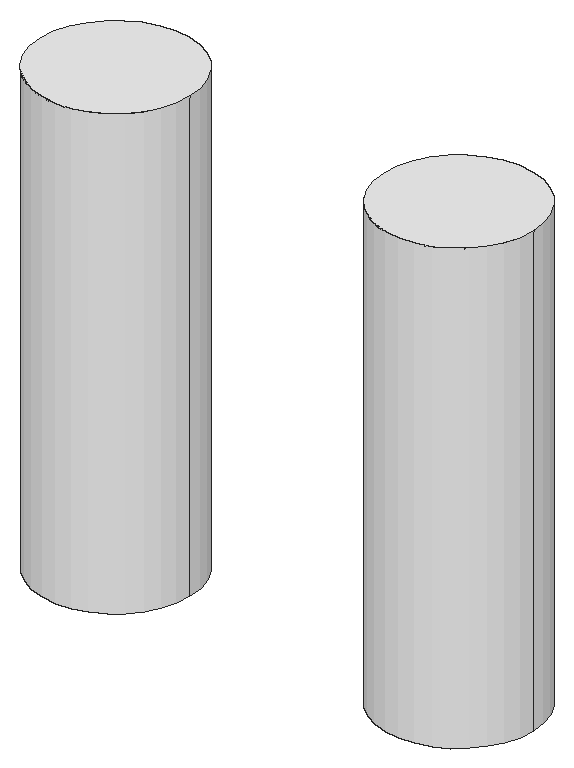
Revit family "090522830004(2022)", category Plumbing Fixtures, Revit 2020
Family settings
  Round Connector Dimension = Use Diameter
  Part Type = Normal
  OmniClass Number = 23.45.55.00
  OmniClass Title = Sanitary Faucets, Wastes
  Work Plane-Based = No
  Always vertical = Yes
  Cut with Voids When Loaded = No
  Shared = No
  Room Calculation Point = No
Parameters (values of type "090522830004 Washbasin faucet")
  Working Pressure = "50 - 1000 kPa"
  WarrantyStartDate [instance] = "n/a"
  WarrantyGuarantorParts = "n/a"
  WarrantyGuarantorLabor = "n/a"
  WarrantyDurationUnit = "Year"
  WarrantyDurationParts = "n/a"
  WarrantyDurationLabor = "n/a"
  WarrantyDescription = "http://warranty.hansa.com"
  Warranty Information URL = "http://warranty.hansa.com"
  VersionDate = "01/06/2023"
  Version = "1"
  ValvePattern = "n/a"
  ValveOperation = "n/a"
  ValveMechanism = "n/a"
  Uniclass2015Reference = "Pr_40_20_87_96"
  Uniclass2015Description = "Washbasin manual water supply sets"
  Uniclass2 = "Pr_40_30_96_96"
  URL UWL = "http://static.hansa.com/UWL/090522830004"
  URL REACH = "http://static.hansa.com/doc/reach"
  URL Materials Declaration = "http://www.hansa.com/fileadmin/resources/166363_090522830004_materialsdeclaration.pdf"
  URL KIWA = "http://static.hansa.com/Kiwa/090522830004"
  URL Environmental Product Declaration EPD = "http://www.hansa.com/fileadmin/resources/184523_EPD_Washbasin faucet.pdf"
  URL EcoLabel Declaration = "http://static.hansa.com/doc/EcoLabel"
  URL EU Packaging Declaration = "http://static.hansa.com/doc/packaging"
  URL Declaration of SCIP = "http://static.hansa.com/doc/SCIP"
  URL Declaration of Conformity = "http://static.hansa.com/DoC/090522830004"
  URL Declaration of Asbestos = "http://static.hansa.com/doc/asbestos"
  URL Declaration Of Performance (DOP) = "http://static.hansa.com/doc/DoP"
  URL DVGW = "http://static.hansa.com/DVGW/090522830004"
  URL = ""
  UNSPSC Class Number = "30181700 Faucets or taps"
  TestPressure = "n/a"
  Temperature Adjustments = "Limitation option for maximum temperature and flow-rate ;Adjustable hot water stop (included, retrofittable)"
  Technical DataSheet URL = "http://www.hansa.com/datasheet/090522830004/en"
  TagNumber [instance] = "n/a"
  SustainabilityPerformance = "n/a"
  Surface treatment = "Chrome"
  Spout Type = "Fixed spout"
  Spout Projection = "121 mm"
  Spare-Part Information URL = "http://static.hansa.com/sp/090522830004"
  Size = "50x155x145 mm"
  Shape = "Sculptured"
  SerialNumber [instance] = "n/a"
  Sales Package dimensions (LxWxH) = "380 x 180 x 74"
  Revision = "n/a"
  ReplacementCost = "n/a"
  ProductInformation = "n/a"
  Product URL = "http://static.hansa.com/090522830004"
  Product Image URL = "http://static.hansa.com/image/090522830004"
  Product Family = "HANSATWIST Eco"
  Product Code = "090522830004"
  OperatingMechanismMaterial = "n/a"
  NominalWidth = 48.471 mm
  NominalHeight = 142.775 mm
  NominalDepth = 156.697 mm
  Noise Class = "I (ISO 3822)"
  Name_en = "090522830004 Washbasin faucet"
  Name = "090522830004 Washbasin faucet"
  NBSReference = "45-35-70/371"
  NBSDescription = "Water supply fittings for wash basins and troughs"
  Mounting Holes = "1 hole"
  ModelReference = "090522830004"
  ModelNumber = "n/a"
  Model = "090522830004 Washbasin faucet"
  Mobile Product Information URL = "http://mpi.hansa.com/090522830004"
  Mechanical Parts = "ø 35 mm ceramic cartridge for flow and temperature control"
  Max. Hot Water Supply = 70 °C
  Material = "Brass"
  Market = "International;Germany;Austria;Belgium;Netherlands;Czech Republic;Slovakia;Hungary"
  ManufacturerURL = "http://www.hansa.com"
  ManufacturerName = "HANSA"
  Manufacturer = "HANSA"
  Lever Handle = "Single operating lever/handle;Hot/Cold symbols"
  Keynote = ""
  Interactive AR View URL = "https://static.hansa.com/AR/090522830004"
  InstallationDate [instance] = "n/a"
  Installation and Maintenance Guide URL = "http://static.hansa.com/manual/090522830004"
  Installation Type = "Deck mounted"
  InletConnectionSize = 10 mm
  IfcExportType = "FAUCET"  # constant formula
  IfcExportAs = "IfcValveType"  # constant formula
  Group = "Washbasin faucet"
  Grade = "n/a"
  FlowCoefficient = 0
  Flow Rate At 300kPa With Flow Controller = 0.06 L/s
  Flow Drawing URL = "http://static.hansa.com/flowchart/090522830004"
  Finish = "Polished"
  Features = "Single-lever"
  FaucetMainMaterial = Brass
  FDV Document URL = "http://www.hansa.com/datasheet/090522830004/en/fdv"
  ExpectedLife = "n/a"
  Excluded Items = "Without pop-up waste;Without draw-rod opening"
  ETIM Class Number = "EC011328 Washbasin mixing tap"
  EN Standard = "EN 817"
  EAN Number = "4057304018299"
  DurationUnit = "Year"
  Dimension Drawing URL = "http://static.hansa.com/dimdrw/090522830004"
  Description = ""
  DefaultElevation [instance] = 900 mm
  Default Elevation = 0 mm
  Constituents = "n/a"
  Connection Size = "G3/8"
  Connection = "Flexible inlet pipes"
  Color = "Chrome"
  CodePerformance = "n/a"
  CloseOffRating = 0
  Catalog Drawing URL = "http://static.hansa.com/catdrw/090522830004"
  CO2 Emissions (D) = -5.13
  CO2 Emissions (C4) = 0.05
  CO2 Emissions (C3) = 0.01
  CO2 Emissions (C2) = 0.01
  CO2 Emissions (B7) = 1038.24
  CO2 Emissions (A4) = 0.2
  CO2 Emissions (A1-A3) = 7.22
  Brand = "HANSA"
  BodyMaterial = "Brass"
  Barcode [instance] = "n/a"
  Backflow Prevention EN1717 = "AA"
  BIMObjectName = "090522830004(2022)"
  Author = "BIMStone"
  AssetType = "Fixed"
  AssetIdentifier [instance] = "n/a"
  Approval KIWA = "K6116/08"
  Approval DVGW = "NW-6506CQ0410"
  Aerator = "PCA® - constant flow rate regardless of pressure variations"
  Advanced Features = "Inner body made of DZR brass;Rapid installation system"
  AccessibilityPerformance = "n/a"
  3D View = "https://static.hansa.com/AR/090522830004"
  2D/3D/BIM Files URL = "http://static.hansa.com/bim/090522830004"
Reference planes
  plane 1 "Center (Front/Back)": y = 0
  plane 2: z = 0
  plane 3 "Center (Left/Right)": x = 0
  plane 4: x = -24.236
  plane 5: z = 900
  plane 6: z = 870
  plane 7: y = -156.697
  plane 8: x = 24.236
  plane 9: z = 1042.775
Forms (mm)
  Extrusion 1, solid, material "Brass" <- "FaucetMainMaterial"
    sketch origin (0, -1.121, 0) x (1, 0, 0) y (0, 1, 0)
      loop
        circle (-11.5, -22.5) r 5
      loop
        circle (11.5, -22.5) r 5
    from 870 to 900
Dimensions and locks
  "DefaultElevation": plane 5 to level
  locked: plane 5 to plane 6 at 30
  "NominalDepth": plane 7 to plane 1 "Center (Front/Back)"
  equal spacing: plane 4, plane 3 "Center (Left/Right)", plane 8
  "NominalHeight": plane 9 to plane 5
  "NominalWidth": plane 4 to plane 8
  "InletConnectionSize": diameter of Extrusion 1 sketch curve  (x2)
  aligned and locked: level to plane 2
  aligned and locked: plane 5 to Extrusion 1
  aligned and locked: Extrusion 1 to plane 6
  aligned and locked: nested 2 to plane 5
Automatic sketch dimensions
  Extrusion 1 sketch curve to plane 3 "Center (Left/Right)" = 11.5 mm
  plane 3 "Center (Left/Right)" to Extrusion 1 sketch curve = 11.5 mm
  plane 1 "Center (Front/Back)" to Extrusion 1 sketch curve = 23.621 mm
  Extrusion 1 sketch curve to Extrusion 1 sketch curve = 0 mm
Nested families
  nested 1: "Symbol" at (0, 0, 0), type "Symbol", detail levels coarse
  nested 2: "090522830004(2022)_p" at (0, 0, 900), Material <- "FaucetMainMaterial", type "090522830004(2022)_p"
    with Material Brass
Connectors
  piping at (-11.5, -23.621, 870), diameter 10, driven by "InletConnectionSize"
    settings: on Extrusion 1, index 1, connector inside diameter 609.6 mm, connector length 0 mm, flow factor 0, pipe flow 0.0 L/s, pressure drop 0.0 Pa, fitting loss kfactor 0, connector angle 0.00°, fixture units 0, engagement length 0 mm, angle of deflection 0.00°, flow configuration 1, flow direction 1, fitting loss method 0, system type 19, joint type 0, gender type 0, connector reference index -1, connector utility 0, adjustable connector no, is connector primary yes, connector description ""
  piping at (11.5, -23.621, 870), diameter 10, driven by "InletConnectionSize"
    settings: on Extrusion 1, index 2, connector inside diameter 609.6 mm, connector length 0 mm, flow factor 0, pipe flow 0.0 L/s, pressure drop 0.0 Pa, fitting loss kfactor 0, connector angle 0.00°, fixture units 0, engagement length 0 mm, angle of deflection 0.00°, flow configuration 1, flow direction 1, fitting loss method 0, system type 20, joint type 0, gender type 0, connector reference index -1, connector utility 0, adjustable connector no, is connector primary no, connector description ""
Definition of nested family "Symbol"
  Reference planes
    plane 1: y = 0
    plane 2: x = 0
  Lines and regions (mm)
    detail lines
      curve 1: line (0, 0, 0) -> (0, -1.8, 0)
      curve 2: line (-0.4, -1.1, 0) -> (0.4, -1.1, 0)
      curve 3: line (-0.4, -1.4, 0) -> (0.4, -1.4, 0)
      curve 4: line (0.863, 0, 0) -> (-0.863, 0, 0)
      curve 5: circle (-1.163, 0, 0) r 0.3 normal (0, 0, -1)
      curve 6: circle (1.163, 0, 0) r 0.3 normal (0, 0, 1)
